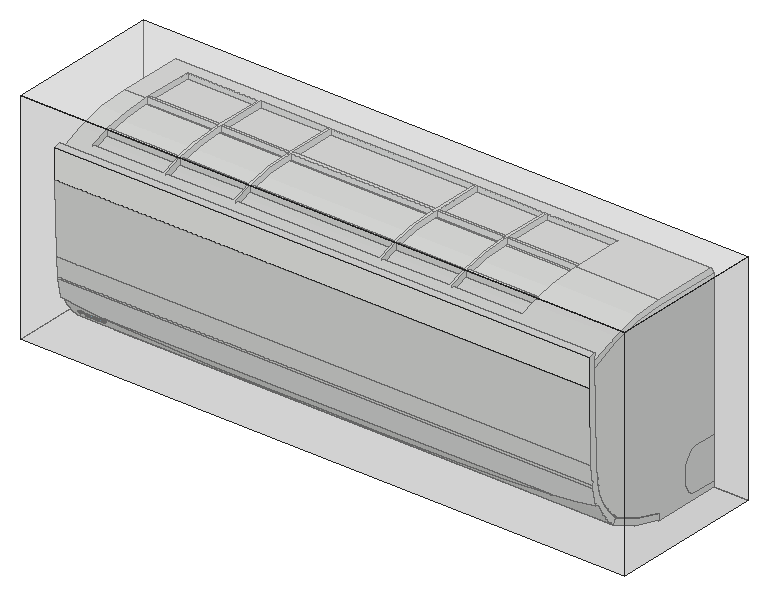
Revit family "outputfile", category 機械設備, Revit 2024
Family settings
  丸型コネクタ寸法 = 半径を使用
  パーツ タイプ = 標準
  OmniClass 番号 = 23.75.10.24.21.27.27
  OmniClass タイトル = Split System Air Conditioning Units
  作業面ベース = いいえ
  常に垂直 = はい
  ロード時にボイドで切り取り = いいえ
  注釈の向きを維持 = いいえ
  共有 = いいえ
  部屋計算ポイント = いいえ
Parameters (values of type "FTXV35W2VMA")
  Description = ""
  書き出し IFC クラス(タイプ) = "IfcUnitaryEquipmentType"
  定義済み IFC タイプ(タイプ) = "AIRCONDITIONINGUNIT"
  Cost = 0
  Type Comments = ""
  Keynote = ""
  Type Image = (empty or 0)
  Assembly Code = ""
  w_wall hole = if(Width = 770.0 mm, 48.0 mm, 60.0 mm)  # 48.0 mm
  製造元 = "Daikin"
  モデル = "FTXV35W2VMA"
  switch_frequency = yes
  r_Liquid Pipe Size = Liquid Pipe Size / 2  # 3.2 mm
  r_Gas Pipe Size = Gas Pipe Size / 2  # 4.75 mm
  r_Drain Pipe Size = Drain Pipe Size / 2  # 8.0 mm
  lw_powersupply [instance] = if(Width = 770.0 mm, if(or(Rear Right Connection_refrigerant, Bottom Right Connection_refrigerant), 25.0 mm, if(or(Rear Left Connection_refrigerant, Bottom Left Connection_refrigerant), 745.0 mm, 400.0 mm)), if(Width = 990.0 mm, if(or(Rear Right Connection_refrigerant, Bottom Right Connection_refrigerant), 40.0 mm, if(or(Rear Left Connection_refrigerant, Bottom Left Connection_refrigerant), 920.0 mm, 400.0 mm)), if(or(Rear Right Connection_refrigerant, Bottom Right Connection_refrigerant), 40.0 mm, if(or(Rear Left Connection_refrigerant, Bottom Left Connection_refrigerant), 920.0 mm, 400.0 mm))))  # 400.0 mm
  lw_liquidpipe [instance] = if(Width = 770.0 mm, if(or(Rear Right Connection_refrigerant, Bottom Right Connection_refrigerant), 0.0 mm, if(or(Rear Left Connection_refrigerant, Bottom Left Connection_refrigerant), 664.0 mm, 385.0 mm)), if(Width = 990.0 mm, if(or(Rear Right Connection_refrigerant, Bottom Right Connection_refrigerant), 0.0 mm, if(or(Rear Left Connection_refrigerant, Bottom Left Connection_refrigerant), 664.0 mm + (990.0 mm - 770.0 mm), 475.0 mm)), if(or(Rear Right Connection_refrigerant, Bottom Right Connection_refrigerant), 0.0 mm, if(or(Rear Left Connection_refrigerant, Bottom Left Connection_refrigerant), 664.0 mm + (990.0 mm - 770.0 mm), 475.0 mm))))  # 385.0 mm
  lw_gaspipe [instance] = if(Width = 770.0 mm, if(or(Rear Right Connection_refrigerant, Bottom Right Connection_refrigerant), 0.0 mm, if(or(Rear Left Connection_refrigerant, Bottom Left Connection_refrigerant), 675.0 mm, if(Gas Pipe Size = 12.7 mm, 345.0 mm, 335.0 mm))), if(Width = 990.0 mm, if(or(Rear Right Connection_refrigerant, Bottom Right Connection_refrigerant), 10.0 mm, if(or(Rear Left Connection_refrigerant, Bottom Left Connection_refrigerant), 890.0 mm, if(Gas Pipe Size = 15.9 mm, 410.0 mm, 400.0 mm))), if(or(Rear Right Connection_refrigerant, Bottom Right Connection_refrigerant), 10.0 mm, if(or(Rear Left Connection_refrigerant, Bottom Left Connection_refrigerant), 890.0 mm, if(Gas Pipe Size = 15.9 mm, 410.0 mm, 400.0 mm)))))  # 335.0 mm
  lw_drainpipe [instance] = if(Width = 770.0 mm, if(or(Rear Right Connection_refrigerant, Bottom Right Connection_refrigerant), 0.0 mm, if(or(Rear Left Connection_refrigerant, Bottom Left Connection_refrigerant), 770.0 mm - 48.0 mm - 48.0 mm, 440.0 mm)), if(Width = 990.0 mm, if(or(Rear Right Connection_refrigerant, Bottom Right Connection_refrigerant), 0.0 mm, if(or(Rear Left Connection_refrigerant, Bottom Left Connection_refrigerant), 675.0 mm + (990.0 mm - 770.0 mm), 435.0 mm)), if(or(Rear Right Connection_refrigerant, Bottom Right Connection_refrigerant), 0.0 mm, if(or(Rear Left Connection_refrigerant, Bottom Left Connection_refrigerant), 675.0 mm + (990.0 mm - 770.0 mm), 435.0 mm))))  # 440.0 mm
  l_powersupply_length [instance] = if(Width = 770.0 mm, if(Right Connection_refrigerant, 400.0 mm, if(Left Connection_refrigerant, 770.0 mm - 400.0 mm, if(or(Rear Left Connection_refrigerant, Rear Right Connection_refrigerant), 15.0 mm, 50.0 mm))), if(Width = 990.0 mm, if(Right Connection_refrigerant, 400.0 mm, if(Left Connection_refrigerant, 990.0 mm - 400.0 mm, if(or(Rear Left Connection_refrigerant, Rear Right Connection_refrigerant), 15.0 mm, 50.0 mm))), if(Right Connection_refrigerant, 400.0 mm, if(Left Connection_refrigerant, 990.0 mm - 400.0 mm, if(or(Rear Left Connection_refrigerant, Rear Right Connection_refrigerant), 15.0 mm, 50.0 mm)))))  # 400.0 mm
  l_liquidpipe_length [instance] = if(Width = 770.0 mm, if(Right Connection_refrigerant, 433.0 mm, if(Left Connection_refrigerant, 337.0 mm, if(or(Rear Left Connection_refrigerant, Rear Right Connection_refrigerant), 30.0 mm, 40.0 mm))), if(Width = 990.0 mm, if(Right Connection_refrigerant, 535.0 mm, if(Left Connection_refrigerant, 455.0 mm, if(or(Rear Left Connection_refrigerant, Rear Right Connection_refrigerant), 30.0 mm, 40.0 mm))), if(Right Connection_refrigerant, 535.0 mm, if(Left Connection_refrigerant, 455.0 mm, if(or(Rear Left Connection_refrigerant, Rear Right Connection_refrigerant), 30.0 mm, 40.0 mm)))))  # 433.0 mm
  l_gaspipe_length [instance] = if(Width = 770.0 mm, if(Right Connection_refrigerant, if(Gas Pipe Size = 12.7 mm, 393.0 mm, 383.0 mm), if(Left Connection_refrigerant, if(Gas Pipe Size = 12.7 mm, 770.0 mm - 393.0 mm, 770.0 mm - 383.0 mm), if(or(Rear Left Connection_refrigerant, Rear Right Connection_refrigerant), 40.0 mm, 50.0 mm))), if(Width = 990.0 mm, if(Right Connection_refrigerant, if(Gas Pipe Size = 15.9 mm, 470.0 mm, 460.0 mm), if(Left Connection_refrigerant, if(Gas Pipe Size = 15.9 mm, 990.0 mm - 470.0 mm, 990.0 mm - 460.0 mm), if(or(Rear Left Connection_refrigerant, Rear Right Connection_refrigerant), 40.0 mm, 50.0 mm))), if(Right Connection_refrigerant, if(Gas Pipe Size = 15.9 mm, 470.0 mm, 460.0 mm), if(Left Connection_refrigerant, if(Gas Pipe Size = 15.9 mm, 990.0 mm - 470.0 mm, 990.0 mm - 460.0 mm), if(or(Rear Left Connection_refrigerant, Rear Right Connection_refrigerant), 40.0 mm, 50.0 mm)))))  # 383.0 mm
  l_drainpipe_length [instance] = if(Width = 770.0 mm, if(Right Connection_refrigerant, 488.0 mm, if(Left Connection_refrigerant, 282.0 mm, if(or(Rear Left Connection_refrigerant, Rear Right Connection_refrigerant), 15.0 mm, 20.0 mm))), if(Width = 990.0 mm, if(Right Connection_refrigerant, 495.0 mm, if(Left Connection_refrigerant, 495.0 mm, if(or(Rear Left Connection_refrigerant, Rear Right Connection_refrigerant), 15.0 mm, 20.0 mm))), if(Right Connection_refrigerant, 495.0 mm, if(Left Connection_refrigerant, 495.0 mm, if(or(Rear Left Connection_refrigerant, Rear Right Connection_refrigerant), 15.0 mm, 20.0 mm)))))  # 488.0 mm
  h*** = 0.0 mm  # constant formula
  connector_voltage = Voltage_50Hz  # 230 V
  connector_powerinput = if([Power Input (Cooling)] > [Power Input (Heating)], [Power Input (Cooling)], [Power Input (Heating)])  # 0.000 kW
  connector_phase = Phase_50Hz  # 1
  angle_vertical [instance] = if(or(Bottom Left Connection_refrigerant, Bottom Right Connection_refrigerant), 0.00°, 90.00°)  # 90.00°
  angle_horizontal [instance] = if(Right Connection_refrigerant, 90.00°, if(Left Connection_refrigerant, -90.00°, if(or(Rear Left Connection_refrigerant, Rear Right Connection_refrigerant), 180.00°, 0.00°)))  # 90.00°
  Width = 770.0 mm
  Voltage_comment_50Hz = "220 - 240"
  Voltage_50Hz = 230 V
  Version = "ver.1.0"
  Unit Type = "Wall Mounted"
  Unit Mass Weight = 9.00 kg
  Unit Designation [instance] = ""
  Uniclass2015Version = "Products v1.30"
  Uniclass2015Title = "Split coil room air conditioning units"
  Uniclass2015Code = "Pr_70_65_03_86"
  URL = ""
  Total Heating Capacity [instance] = 0.000 kW
  Total Cooling Capacity [instance] = 0.000 kW
  Sound Pressure Level_M speed (dBA) = 34
  Sound Pressure Level_L speed (dBA) = 26
  Sound Pressure Level_H speed (dBA) = 42
  Sound Power Level_H speed (dB) = 0
  Series = "Single Split_Fan Coil Unit"
  Sensible Cooling Capacity [instance] = 0.000 kW
  Refrigerant Type = "R32"
  Power Input (Heating) = 0.000 kW
  Power Input (Cooling) = 0.000 kW
  Phase_50Hz = 1
  Option Accessory 3 [instance] = ""
  Option Accessory 2 [instance] = ""
  Option Accessory 1 [instance] = ""
  Nominal Heating Capacity = 3.700 kW
  Nominal Cooling Capacity = 3.500 kW
  Minimum Circuit Amps_50Hz = 0.0 A
  Minimum Airflow = 324.00 m³/h
  Median Airflow = 456.00 m³/h
  Maximum Fuse Amps_50Hz = 0.0 A
  Maximum Airflow = 630.00 m³/h
  Material_Casing = DAIKIN_PureWhite_Casing_indoorunit
  Load Classification = HVAC
  Liquid Pipe Size = 6.4 mm
  Link_Nested Family [instance] = ""
  IfcVersion = ""
  IfcExportType = "AIRCONDITIONINGUNIT"
  IfcExportAs = "IfcUnitaryEquipmentType"
  Height = 285.0 mm
  Heating Entering Wet Bulb Temperature [instance] = -273.15 °C
  Heating Entering Dry Bulb Temperature [instance] = -273.15 °C
  Heating Ambient Wet Bulb Temperature [instance] = -273.15 °C
  Heating Ambient Dry Bulb Temperature [instance] = -273.15 °C
  Heat Exchanger Type = "Cross Fin Coil"
  Gas Pipe Size = 9.5 mm
  Frequency_50Hz = 50 Hz
  Fan Type = "Cross Flow Fan"
  Fan Drive = "Direct Drive"
  FCU Tag No. [instance] = ""
  Drain Pipe Size = 16.0 mm
  Design Supply Airflow [instance] = 0.00 m³/h
  Depth = 223.0 mm
  既定の高さ = 0.0 mm
  Cooling Entering Wet Bulb Temperature [instance] = 0.00 °C
  Cooling Entering Dry Bulb Temperature [instance] = 0.00 °C
  Cooling Ambient Wet Bulb Temperature [instance] = 0.00 °C
  Cooling Ambient Dry Bulb Temperature [instance] = 0.00 °C
  Clearance visibility [instance] = yes
  Clearance Top = 30.0 mm
  Clearance Right = 50.0 mm
  Clearance Rear = 0.0 mm
  Clearance Left = 50.0 mm
  Clearance Front = 0.0 mm
  Clearance Bottom = 0.0 mm
  Bottom Right Connection_refrigerant [instance] = no
  Bottom Left Connection_refrigerant [instance] = no
  Rear Right Connection_refrigerant [instance] = no
  Rear Left Connection_refrigerant [instance] = no
  Right Connection_refrigerant [instance] = yes
  Left Connection_refrigerant [instance] = no
Reference planes
  plane 1 "Back": y = 0
  plane 2: z = 0
  plane 3 "Center (Left/Right)": x = 0
  plane 4 "Center (Front/Back)": y = -111.5
  plane 5 "Front": y = -223
  plane 6 "Left": x = -385
  plane 7 "Right": x = 385
  plane 8 "Top": z = 0
  plane 9 "Bottom": z = -285
  plane 10: x = -435
  plane 11: x = 435
  plane 12: y = 0
  plane 13: y = -223
  plane 14: z = 30
  plane 15: z = -285
  plane 16 "lw_Piping and Wiring intake": x = 337
  plane 17 "lw_gaspipe": x = 2
  plane 18 "lw_liquidpipe": x = -48
  plane 19 "lw_drainpipe": x = -103
  plane 20 "lh_drainpipe": z = -265
  plane 21 "lh_liquidpipe": z = -245
  plane 22 "lh_gaspipe": z = -235
  plane 23 "ld_drainpipe": y = -15
  plane 24 "ld_liquidpipe": y = -30
  plane 25 "ld_gaspipe": y = -40
  plane 26 "lw_powersupply": x = -15
Dimensions and locks
  equal spacing: plane 6 "Left", plane 3 "Center (Left/Right)", plane 7 "Right"
  "Width": plane 6 "Left" to plane 7 "Right"
  equal spacing: plane 5 "Front", plane 4 "Center (Front/Back)", plane 1 "Back"
  "Depth": plane 5 "Front" to plane 1 "Back"
  "Height": plane 8 "Top" to plane 9 "Bottom"
  "Clearance Rear": plane 12 to plane 1 "Back"
  "Clearance Front": plane 13 to plane 5 "Front"
  "Clearance Top": plane 14 to plane 8 "Top"
  "Clearance Bottom": plane 9 "Bottom" to plane 15
  "w_wall hole": plane 16 "lw_Piping and Wiring intake" to plane 7 "Right"
  "lw_gaspipe": plane 17 "lw_gaspipe" to plane 16 "lw_Piping and Wiring intake"
  "lw_liquidpipe": plane 18 "lw_liquidpipe" to plane 16 "lw_Piping and Wiring intake"
  "lw_drainpipe": plane 19 "lw_drainpipe" to plane 16 "lw_Piping and Wiring intake"
  locked: plane 20 "lh_drainpipe" to plane 9 "Bottom" at 20
  locked: plane 21 "lh_liquidpipe" to plane 9 "Bottom" at 40
  locked: plane 22 "lh_gaspipe" to plane 9 "Bottom" at 50
  locked: plane 23 "ld_drainpipe" to plane 1 "Back" at 15
  locked: plane 1 "Back" to plane 24 "ld_liquidpipe" at 30
  locked: plane 1 "Back" to plane 25 "ld_gaspipe" at 40
  "lw_powersupply": plane 26 "lw_powersupply" to plane 7 "Right"
  "Clearance Right": plane 7 "Right" to plane 11
  "Clearance Left": plane 10 to plane 6 "Left"
  aligned and locked: level to plane 2
  aligned and locked: plane 12 to nested 1
  aligned and locked: nested 1 to plane 13
  aligned and locked: plane 10 to nested 1
  aligned and locked: plane 11 to nested 1
  aligned and locked: plane 15 to nested 1
  aligned and locked: plane 14 to nested 1
  aligned and locked: plane 17 "lw_gaspipe" to nested 2
  aligned and locked: nested 2 to plane 25 "ld_gaspipe"
  aligned and locked: plane 18 "lw_liquidpipe" to nested 3
  aligned and locked: nested 3 to plane 24 "ld_liquidpipe"
  aligned and locked: plane 19 "lw_drainpipe" to nested 4
  aligned and locked: nested 4 to plane 23 "ld_drainpipe"
  aligned and locked: nested 5 to plane 23 "ld_drainpipe"
  aligned and locked: plane 26 "lw_powersupply" to nested 5
  aligned and locked: level to plane 8 "Top"
  aligned and locked: plane 3 "Center (Left/Right)" to nested 6
  aligned and locked: plane 1 "Back" to nested 6
  aligned and locked: plane 8 "Top" to nested 6
Nested families
  nested 1: "daikin_clearancespace" at (0, -111.5, -127.381), show <- "Clearance visibility", visible <- "Clearance visibility", Link_Nested Family <- "Link_Nested Family", type "daikin_clearancespace"
    with width 870.0 mm, show yes, height 315.0 mm, depth 223.0 mm, Link_Nested Family ""
  nested 2: "daikin_connector_rotate3" at (2, -40, -235), angle_vertical <- "angle_vertical", angle_horizontal <- "angle_horizontal", length <- "l_gaspipe_length", radius <- "r_Gas Pipe Size", type "daikin_connector_rotate3"
    with show no, radius 4.75 mm, length 383.0 mm, angle_vertical 90.00°, angle_horizontal 90.00°
  nested 3: "daikin_connector_rotate3" at (-48, -30, -245), angle_vertical <- "angle_vertical", angle_horizontal <- "angle_horizontal", radius <- "r_Liquid Pipe Size", length <- "l_liquidpipe_length", type "daikin_connector_rotate3"
    with show no, radius 3.2 mm, length 433.0 mm, angle_vertical 90.00°, angle_horizontal 90.00°
  nested 4: "daikin_connector_rotate3" at (-103, -15, -265), angle_vertical <- "angle_vertical", angle_horizontal <- "angle_horizontal", length <- "l_drainpipe_length", radius <- "r_Drain Pipe Size", type "daikin_connector_rotate3"
    with show no, radius 8.0 mm, length 488.0 mm, angle_vertical 90.00°, angle_horizontal 90.00°
  nested 5: "daikin_connector_rotate3" at (-15, -15, -235), angle_vertical <- "angle_vertical", angle_horizontal <- "angle_horizontal", length <- "l_powersupply_length", type "daikin_connector_rotate3"
    with show no, radius 10.0 mm, length 400.0 mm, angle_vertical 90.00°, angle_horizontal 90.00°
  nested 6: "DAIKIN_indoorunit_FTXV-W2VMA" at (-31, 0, 0), type "FTXV-W2VMA"
Connectors
  piping at (385, -40, -235), diameter 9.5, driven by "r_Gas Pipe Size"
    settings: on nested 2, index 1, connector inside diameter 609.6 mm, connector length 0.0 mm, flow factor 0, pipe flow 0.00 m³/h, pressure drop 0.0 Pa, fitting loss kfactor 0, connector angle 0.00°, fixture units 0, engagement length 0.0 mm, angle of deflection 0.00°, flow configuration 1, flow direction 2, fitting loss method 0, system type 29, joint type 0, gender type 0, connector reference index -1, connector utility 0, adjustable connector no, is connector primary yes, connector description "Refrigerant Gas Piping"
  piping at (385, -30, -245), diameter 6.4, driven by "r_Liquid Pipe Size"
    settings: on nested 3, index 2, connector inside diameter 609.6 mm, connector length 0.0 mm, flow factor 0, pipe flow 0.00 m³/h, pressure drop 0.0 Pa, fitting loss kfactor 0, connector angle 0.00°, fixture units 0, engagement length 0.0 mm, angle of deflection 0.00°, flow configuration 1, flow direction 1, fitting loss method 0, system type 29, joint type 0, gender type 0, connector reference index -1, connector utility 0, adjustable connector no, is connector primary no, connector description "Refrigerant Liquid Piping"
  piping at (385, -15, -265), diameter 16, driven by "r_Drain Pipe Size"
    settings: on nested 4, index 3, connector inside diameter 609.6 mm, connector length 0.0 mm, flow factor 0, pipe flow 0.00 m³/h, pressure drop 0.0 Pa, fitting loss kfactor 0, connector angle 0.00°, fixture units 0, engagement length 0.0 mm, angle of deflection 0.00°, flow configuration 1, flow direction 2, fitting loss method 4, system type 16, joint type 0, gender type 0, connector reference index -1, connector utility 0, adjustable connector no, is connector primary no, connector description "Condensate Drain Piping"
  electrical at (385, -15, -235), driven by "Load Classification", driven by "connector_phase", driven by "connector_powerinput", driven by "connector_voltage"
    settings: on nested 5, index 4, voltage 230 V, apparent load 0 VA, apparent load phase1 0 VA, apparent load phase2 0 VA, apparent load phase3 0 VA, power factor 1, load classification "HVAC", number of poles 1, system type 30, power factor state 1, is connector primary yes, connector utility no, sub classification motor no, connector description "Power Supply"
Definition of nested family "daikin_clearancespace"
  Parameters (values of type "daikin_clearancespace")
    Description = "daikin_clearancespace"
    width [instance] = 1823.963 mm
    show [instance] = yes
    material = none
    height [instance] = 1359.762 mm
    depth [instance] = 880.0 mm
    Default Elevation = 0.0 mm
    Link_Nested Family [instance] = ""
  Reference planes
    plane 1 "Center (Front/Back)": y = 0
    plane 2 "Center (Elevation)": z = -0.119
    plane 3 "Center (Left/Right)": x = 0
    plane 4: y = 440
    plane 5: y = -440
    plane 6 "Right": x = 911.982
    plane 7 "Left": x = -911.982
    plane 8 "Top": z = 679.762
    plane 9 "Bottom": z = -680
  Forms (mm)
    Extrusion 1, solid, material <- "material", visible <- "show"
      sketch origin (0, 0, 0) x (1, 0, 0) y (0, 1, 0)
        loop
          line (-911.982, 440) -> (-911.982, -440) -> (911.982, -440) -> (911.982, 440) -> (-911.982, 440)
      from -680 to 679.762
  Lines and regions (mm)
    symbolic lines, visible <- "show"
      curve 1: line (911.982, 440, 0) -> (-911.982, 440, 0)
      curve 2: line (-911.982, 440, 0) -> (-911.982, -440, 0)
      curve 3: line (-911.982, -440, 0) -> (911.982, -440, 0)
      curve 4: line (911.982, -440, 0) -> (911.982, 440, 0)
      curve 5: line (911.982, 0, 679.762) -> (-911.982, 0, 679.762)
      curve 6: line (911.982, 0, -680) -> (911.982, 0, 679.762)
      curve 7: line (-911.982, 0, -680) -> (911.982, 0, -680)
      curve 8: line (-911.982, 0, 679.762) -> (-911.982, 0, -680)
      curve 9: line (0, 440, 679.762) -> (0, -440, 679.762)
      curve 10: line (0, -440, 679.762) -> (0, -440, -680)
      curve 11: line (0, 440, -680) -> (0, 440, 679.762)
      curve 12: line (0, -440, -680) -> (0, 440, -680)
  Dimensions and locks
    "width": plane 7 "Left" to plane 6 "Right"
    "depth": plane 4 to plane 5
    "height": plane 8 "Top" to plane 9 "Bottom"
    equal spacing: plane 7 "Left", plane 3 "Center (Left/Right)", plane 6 "Right"
    equal spacing: plane 4, plane 1 "Center (Front/Back)", plane 5
    equal spacing: plane 8 "Top", plane 2 "Center (Elevation)", plane 9 "Bottom"
    aligned and locked: level to plane 2 "Center (Elevation)"
    aligned and locked: Extrusion 1 sketch curve to plane 4
    aligned and locked: plane 7 "Left" to Extrusion 1 sketch curve
    aligned and locked: Extrusion 1 sketch curve to plane 5
    aligned and locked: Extrusion 1 sketch curve to plane 6 "Right"
    aligned and locked: plane 8 "Top" to Extrusion 1
    aligned and locked: curve 1 to Extrusion 1
    aligned and locked: curve 2 to Extrusion 1
    aligned and locked: curve 3 to Extrusion 1
    aligned and locked: curve 4 to Extrusion 1
    aligned and locked: curve 5 to Extrusion 1
    aligned and locked: curve 6 to Extrusion 1
    aligned and locked: curve 7 to Extrusion 1
    aligned and locked: curve 8 to Extrusion 1
    aligned and locked: curve 9 to Extrusion 1
    aligned and locked: curve 10 to Extrusion 1
    aligned and locked: curve 11 to Extrusion 1
    aligned and locked: curve 12 to Extrusion 1
    aligned and locked: Extrusion 1 to plane 9 "Bottom"
Definition of nested family "DAIKIN_indoorunit_FTXV-W2VMA"
  Parameters (values of type "FTKM-QVMA")
    switch_unit1_50-71 = Width = 990.0 mm  # no
    switch_unit1_20-46 = Width = 770.0 mm  # yes
    Width = 770.0 mm
    WALL HOLE-R = if(Width = 770.0 mm, 48.0 mm, 60.0 mm)  # 48.0 mm
    WALL HOLE Size = if(Width = 770.0 mm, 65.0 mm, 80.0 mm)  # 65.0 mm
    Material_Casing = none
    Height = if(Width = 770.0 mm, 285.0 mm, 295.0 mm)  # 285.0 mm
    Default Elevation = 0.0 mm
  Reference planes
    plane 1 "Center (Front/Back)": y = 0
    plane 2 "reference_level": z = 0
    plane 3 "Center (Left/Right)": x = 31
    plane 4: x = -354
    plane 5: x = 416
    plane 6: z = -285
  Forms (mm)
    Extrusion 1, solid, material <- "Material_Casing", visible <- "switch_unit1_20-46"
      sketch origin (29, 0, 0) x (0, 1, 0) y (0, 0, 1)
        loop
          line (-5, 0) -> (-98, 0)
          arc (-98, 0) -> (-157.611, -7.211) -> (-213.783, -28.427) r 250
          arc (-213.783, -28.427) -> (-213.842, -32.972) -> (-213.892, -37.516) r 2191
          arc (-213.892, -37.516) -> (-157.832, -15.495) -> (-98.07, -8) r 242
          line (-98.07, -8) -> (0, -8) -> (-5, 0)
      from -383 to 387
    Extrusion 2, solid, material <- "Material_Casing", visible <- "switch_unit1_20-46"
      sketch origin (416, 1296.25, 1200) x (0, 1, 0) y (0, 0, 1)
        loop
          line (-1472.998, -1446.91) -> (-1476.998, -1453.839)
          arc (-1476.998, -1453.839) -> (-1437.481, -1472.422) -> (-1395.25, -1483.538) r 240
          line (-1395.25, -1483.538) -> (-1395.25, -1475.422)
          arc (-1395.25, -1475.422) -> (-1435.407, -1464.663) -> (-1472.998, -1446.91) r 232
      from 0 to -47.5
    Extrusion 3, solid, material <- "Material_Casing", visible <- "switch_unit1_20-46"
      sketch origin (29, 0, 0) x (0, 1, 0) y (0, 0, 1)
        loop
          arc (-223, -60.455) -> (-222.414, -110.646) -> (-220.656, -160.81) r 2149.92
          arc (-220.656, -160.81) -> (-219.65, -174.299) -> (-217.853, -187.706) r 229.911
          arc (-217.853, -187.706) -> (-205.371, -223.594) -> (-181.517, -253.17) r 111
          line (-181.517, -253.17) -> (-177.429, -246.093)
          arc (-177.429, -246.093) -> (-198.77, -218.989) -> (-209.965, -186.36) r 103
          arc (-209.965, -186.36) -> (-211.681, -173.586) -> (-212.651, -160.735) r 221.844
          arc (-212.651, -160.735) -> (-214.739, -93.233) -> (-214.74, -25.699) r 2186.828
          arc (-214.74, -25.699) -> (-214.671, -21.467) -> (-214.594, -17.235) r 2192
          line (-214.594, -17.235) -> (-223, -19.961) -> (-223, -60.455)
      from -383 to 387
    Extrusion 4, solid, material <- "Material_Casing", visible <- "switch_unit1_20-46"
      sketch origin (29, 0, 0) x (0, 1, 0) y (0, 0, 1)
        loop
          line (-181.517, -253.17) -> (-179.597, -249.846)
          arc (-179.597, -249.846) -> (-202.009, -221.399) -> (-213.189, -186.952) r 103
          line (-213.189, -186.952) -> (-217.853, -187.706)
          arc (-217.853, -187.706) -> (-217.533, -189.556) -> (-217.182, -191.4) r 111
          arc (-217.182, -191.4) -> (-213.806, -208.181) -> (-210.362, -224.948) r 4257.809
          arc (-210.362, -224.948) -> (-198.886, -237.857) -> (-186.225, -249.607) r 180
          line (-186.225, -249.607) -> (-181.517, -253.17)
      from -383 to 387
    Extrusion 5, solid, material <- "Material_Casing", visible <- "switch_unit1_20-46"
      sketch origin (29, 0, -20) x (0, 1, 0) y (0, 0, 1)
        loop
          line (0, -265) -> (0, 12) -> (-98.07, 12)
          arc (-98.07, 12) -> (-157.832, 4.505) -> (-213.892, -17.516) r 242
          arc (-213.892, -17.516) -> (-213.638, -79.114) -> (-211.653, -140.681) r 2191
          arc (-211.653, -140.681) -> (-210.685, -153.501) -> (-208.973, -166.243) r 221
          arc (-208.973, -166.243) -> (-197.471, -199.282) -> (-175.482, -226.491) r 102
          arc (-175.482, -226.491) -> (-138.004, -244.019) -> (-98, -254.579) r 231
          line (-98, -254.579) -> (-98, -265) -> (0, -265)
      from -383 to 387
    Extrusion 6, solid, material <- "Material_Casing", visible <- "switch_unit1_20-46"
      sketch origin (-354, 1296.25, 1200) x (0, 1, 0) y (0, 0, 1)
        loop
          line (-1472.998, -1446.91) -> (-1476.998, -1453.839)
          arc (-1476.998, -1453.839) -> (-1437.481, -1472.422) -> (-1395.25, -1483.538) r 240
          line (-1395.25, -1483.538) -> (-1395.25, -1475.422)
          arc (-1395.25, -1475.422) -> (-1435.407, -1464.663) -> (-1472.998, -1446.91) r 232
      from 47 to 0
    Extrusion 7, solid, material <- "Material_Casing", visible <- "switch_unit1_20-46"
      sketch origin (416, 1296.25, 1200) x (0, 1, 0) y (0, 0, 1)
        loop
          line (-1472.998, -1446.91) -> (-1476.998, -1453.839)
          arc (-1476.998, -1453.839) -> (-1443.437, -1470.168) -> (-1407.75, -1481.097) r 240
          line (-1407.75, -1481.097) -> (-1407.75, -1472.894)
          arc (-1407.75, -1472.894) -> (-1441.363, -1462.385) -> (-1472.998, -1446.91) r 232
      from -116.993 to -48.493
    Extrusion 8, solid, material <- "Material_Casing", visible <- "switch_unit1_20-46"
      sketch origin (416, 1296.25, 1200) x (0, 1, 0) y (0, 0, 1)
        loop
          line (-1472.998, -1446.91) -> (-1476.998, -1453.839)
          arc (-1476.998, -1453.839) -> (-1443.437, -1470.168) -> (-1407.75, -1481.097) r 240
          line (-1407.75, -1481.097) -> (-1407.75, -1472.894)
          arc (-1407.75, -1472.894) -> (-1441.363, -1462.385) -> (-1472.998, -1446.91) r 232
      from -717 to -121.993
    Extrusion 9, void
      sketch origin (31, 0, -235) x (1, 0, 0) y (0, 1, 0)
        loop
          line (-252.674, -22.316) -> (-354.941, -22.316) -> (-354.941, -91.341) -> (-252.674, -91.341) -> (-252.674, -22.316)
        loop
          line (-249.341, -91.341) -> (-151.574, -91.341) -> (-151.574, -22.316) -> (-249.341, -22.316) -> (-249.341, -91.341)
        loop
          line (58.309, -22.316) -> (-148.309, -22.316) -> (-148.309, -91.341) -> (58.309, -91.341) -> (58.309, -22.316)
        loop
          line (61.689, -22.316) -> (61.689, -91.341) -> (159.457, -91.341) -> (159.457, -22.316) -> (61.689, -22.316)
        loop
          line (162.789, -22.316) -> (162.789, -91.341) -> (265.057, -91.341) -> (265.057, -22.316) -> (162.789, -22.316)
        loop
          line (-354.941, -94.659) -> (-354.941, -165.259) -> (-252.674, -165.259) -> (-252.674, -94.659) -> (-354.941, -94.659)
        loop
          line (-249.341, -94.659) -> (-249.341, -165.259) -> (-151.574, -165.259) -> (-151.574, -94.659) -> (-249.341, -94.659)
        loop
          line (-148.309, -94.659) -> (-148.309, -165.259) -> (58.309, -165.259) -> (58.309, -94.659) -> (-148.309, -94.659)
        loop
          line (61.689, -94.659) -> (61.689, -165.259) -> (159.457, -165.259) -> (159.457, -94.659) -> (61.689, -94.659)
        loop
          line (162.789, -94.659) -> (162.789, -165.259) -> (265.057, -165.259) -> (265.057, -94.659) -> (162.789, -94.659)
        loop
          line (-354.941, -167.382) -> (-354.941, -192.681) -> (-252.674, -192.681) -> (-252.674, -167.382) -> (-354.941, -167.382)
        loop
          line (-249.341, -167.382) -> (-249.341, -192.681) -> (-151.574, -192.681) -> (-151.574, -167.382) -> (-249.341, -167.382)
        loop
          line (-148.309, -167.382) -> (-148.309, -192.681) -> (58.309, -192.681) -> (58.309, -167.382) -> (-148.309, -167.382)
        loop
          line (159.457, -167.382) -> (61.689, -167.382) -> (61.689, -192.681) -> (159.457, -192.681) -> (159.457, -167.382)
        loop
          line (265.057, -167.382) -> (162.789, -167.382) -> (162.789, -192.681) -> (265.057, -192.681) -> (265.057, -167.382)
      from 201.638 to 250
    Extrusion 10, void
      sketch origin (31, 0, 0) x (1, 0, 0) y (0, 0, 1)
        loop
          arc (597, -174.907) -> (0.056, -245.263) -> (-597, -175.856) r 2585.042
          line (-597, -175.856) -> (-597, -352.872) -> (597, -352.872) -> (597, -174.907)
      from 173 to 315.3
    Extrusion 11, solid, material <- "Material_Casing"
      sketch origin (31, 0, 0) x (1, 0, 0) y (0, 0, 1)
        loop
          circle (337, -240.5) r 32.5
        loop
          circle (-337, -240.5) r 32.5
      from 0 to 5
    Extrusion 12, solid, material <- "Material_Casing", visible <- "switch_unit1_20-46"
      sketch origin (416, 1296.25, 1200) x (0, -1, 0) y (0, 0, 1)
        loop
          line (1326.25, -1417) -> (1296.25, -1417) -> (1296.25, -1477) -> (1326.25, -1477)
          arc (1326.25, -1477) -> (1340.393, -1471.142) -> (1346.25, -1457) r 20
          line (1346.25, -1457) -> (1346.25, -1437)
          arc (1346.25, -1437) -> (1340.393, -1422.858) -> (1326.25, -1417) r 20
      from 0 to 5
    Extrusion 13, solid, material <- "Material_Casing", visible <- "switch_unit1_20-46"
      sketch origin (-354, 1296.25, 1200) x (0, 1, 0) y (0, 0, 1)
        loop
          line (-1296.25, -1417) -> (-1326.25, -1417)
          arc (-1326.25, -1417) -> (-1340.393, -1422.858) -> (-1346.25, -1437) r 20
          line (-1346.25, -1437) -> (-1346.25, -1457)
          arc (-1346.25, -1457) -> (-1340.393, -1471.142) -> (-1326.25, -1477) r 20
          line (-1326.25, -1477) -> (-1296.25, -1477) -> (-1296.25, -1417)
      from 0 to 5
    Extrusion 14, solid, material <- "Material_Casing", visible <- "switch_unit1_20-46"
      sketch origin (31, 0, -285) x (-1, 0, 0) y (0, -1, 0)
        loop
          line (-314, 0) -> (-314, 30)
          arc (-314, 30) -> (-319.858, 44.142) -> (-334, 50) r 20
          line (-334, 50) -> (-354, 50)
          arc (-354, 50) -> (-368.142, 44.142) -> (-374, 30) r 20
          line (-374, 30) -> (-374, 0) -> (-314, 0)
        loop
          line (374, 0) -> (374, 30)
          arc (374, 30) -> (368.142, 44.142) -> (354, 50) r 20
          line (354, 50) -> (334, 50)
          arc (334, 50) -> (319.858, 44.142) -> (314, 30) r 20
          line (314, 30) -> (314, 0) -> (374, 0)
      from 0 to 5
    Extrusion 15, solid, material <- "Material_Casing", visible <- "switch_unit1_50-71"
      sketch origin (31, 0, 0) x (0, 1, 0) y (0, 0, 1)
        loop
          line (-5, 0) -> (-138, 0)
          arc (-138, 0) -> (-197.611, -7.211) -> (-253.783, -28.427) r 250
          arc (-253.783, -28.427) -> (-253.838, -32.687) -> (-253.886, -36.946) r 2191
          arc (-253.886, -36.946) -> (-197.73, -15.346) -> (-138.014, -8) r 246.393
          line (-138.014, -8) -> (0, -8) -> (-5, 0)
      from -495 to 495
    Extrusion 16, solid, material <- "Material_Casing", visible <- "switch_unit1_50-71"
      sketch origin (418, 1296.25, 1200) x (0, 1, 0) y (0, 0, 1)
        loop
          arc (-1515.208, -1454.149) -> (-1506.856, -1460.599) -> (-1497.925, -1466.219) r 110
          arc (-1497.925, -1466.219) -> (-1445.718, -1487.493) -> (-1389.844, -1494.995) r 223
          line (-1389.844, -1494.995) -> (-1389.844, -1486.086) -> (-1404.386, -1486.086)
          arc (-1404.386, -1486.086) -> (-1449.542, -1477.46) -> (-1491.818, -1459.402) r 214.289
          arc (-1491.818, -1459.402) -> (-1501.056, -1453.541) -> (-1509.606, -1446.715) r 101
          line (-1509.606, -1446.715) -> (-1515.208, -1454.149)
      from 108 to 57.5
    Extrusion 17, solid, material <- "Material_Casing", visible <- "switch_unit1_50-71"
      sketch origin (31, 0, 0) x (0, 1, 0) y (0, 0, 1)
        loop
          line (-263, -19.962) -> (-263, -61.6)
          arc (-263, -61.6) -> (-262.414, -110.219) -> (-260.656, -158.81) r 2017.341
          arc (-260.656, -158.81) -> (-255.648, -191.935) -> (-244.041, -223.362) r 164.725
          arc (-244.041, -223.362) -> (-233.569, -239.793) -> (-219.717, -253.495) r 87.379
          line (-219.717, -253.495) -> (-214.706, -246.846)
          arc (-214.706, -246.846) -> (-229.564, -230.029) -> (-240.385, -210.371) r 102
          arc (-240.385, -210.371) -> (-249.049, -182.962) -> (-252.848, -154.467) r 165.789
          arc (-252.848, -154.467) -> (-254.771, -90.102) -> (-254.74, -25.708) r 2122.533
          arc (-254.74, -25.708) -> (-254.671, -21.469) -> (-254.594, -17.23) r 2192
          line (-254.594, -17.23) -> (-263, -19.962)
      from -495 to 495
    Extrusion 18, void
      sketch origin (33, 0, 0) x (1, 0, 0) y (0, 1, 0)
        loop
          line (-466.909, -22.316) -> (-466.909, -111.341) -> (-366.303, -111.341) -> (-366.303, -22.316) -> (-466.909, -22.316)
        loop
          line (-362.71, -22.316) -> (-362.71, -111.341) -> (-262.103, -111.341) -> (-262.103, -22.316) -> (-362.71, -22.316)
        loop
          line (-258.51, -22.316) -> (-258.51, -111.341) -> (-157.904, -111.341) -> (-157.904, -22.316) -> (-258.51, -22.316)
        loop
          line (-154.31, -22.316) -> (-154.31, -111.341) -> (-53.704, -111.341) -> (-53.704, -22.316) -> (-154.31, -22.316)
        loop
          line (-50.11, -22.316) -> (-50.11, -111.341) -> (50.496, -111.341) -> (50.496, -22.316) -> (-50.11, -22.316)
        loop
          line (54.089, -22.316) -> (54.089, -111.341) -> (154.696, -111.341) -> (154.696, -22.316) -> (54.089, -22.316)
        loop
          line (158.289, -22.316) -> (158.289, -111.341) -> (258.895, -111.341) -> (258.895, -22.316) -> (158.289, -22.316)
        loop
          line (262.489, -22.316) -> (262.489, -111.341) -> (363.095, -111.341) -> (363.095, -22.316) -> (262.489, -22.316)
        loop
          line (-466.909, -114.459) -> (-466.909, -185.059) -> (-366.303, -185.059) -> (-366.303, -114.459) -> (-466.909, -114.459)
        loop
          line (-362.71, -114.459) -> (-362.71, -185.059) -> (-262.103, -185.059) -> (-262.103, -114.459) -> (-362.71, -114.459)
        loop
          line (-258.51, -114.459) -> (-258.51, -185.059) -> (-157.904, -185.059) -> (-157.904, -114.459) -> (-258.51, -114.459)
        loop
          line (-154.31, -114.459) -> (-154.31, -185.059) -> (-53.704, -185.059) -> (-53.704, -114.459) -> (-154.31, -114.459)
        loop
          line (-50.11, -114.459) -> (-50.11, -185.059) -> (50.496, -185.059) -> (50.496, -114.459) -> (-50.11, -114.459)
        loop
          line (54.089, -114.459) -> (54.089, -185.059) -> (154.696, -185.059) -> (154.696, -114.459) -> (54.089, -114.459)
        loop
          line (158.289, -114.459) -> (158.289, -185.059) -> (258.895, -185.059) -> (258.895, -114.459) -> (158.289, -114.459)
        loop
          line (262.489, -114.459) -> (262.489, -185.059) -> (363.095, -185.059) -> (363.095, -114.459) -> (262.489, -114.459)
        loop
          line (-466.909, -187.382) -> (-466.909, -232.681) -> (-366.303, -232.681) -> (-366.303, -187.382) -> (-466.909, -187.382)
        loop
          line (-362.71, -187.382) -> (-362.71, -232.681) -> (-262.103, -232.681) -> (-262.103, -187.382) -> (-362.71, -187.382)
        loop
          line (-258.51, -187.382) -> (-258.51, -232.681) -> (-157.904, -232.681) -> (-157.904, -187.382) -> (-258.51, -187.382)
        loop
          line (-154.31, -187.382) -> (-154.31, -232.681) -> (-53.704, -232.681) -> (-53.704, -187.382) -> (-154.31, -187.382)
        loop
          line (-50.11, -187.382) -> (-50.11, -232.681) -> (50.496, -232.681) -> (50.496, -187.382) -> (-50.11, -187.382)
        loop
          line (54.089, -187.382) -> (54.089, -232.681) -> (154.696, -232.681) -> (154.696, -187.382) -> (54.089, -187.382)
        loop
          line (158.289, -187.382) -> (158.289, -232.681) -> (258.895, -232.681) -> (258.895, -187.382) -> (158.289, -187.382)
        loop
          line (262.489, -187.382) -> (262.489, -232.681) -> (363.095, -232.681) -> (363.095, -187.382) -> (262.489, -187.382)
      from -40.013 to 47.268
    Extrusion 19, void
      sketch origin (33, 0, 2300) x (1, 0, 0) y (0, 0, 1)
        loop
          line (705, -2672.872) -> (705, -2462.4)
          arc (705, -2462.4) -> (-2.043, -2534.819) -> (-709, -2461.567) r 3467.757
          line (-709, -2461.567) -> (-709, -2672.872) -> (705, -2672.872)
      from 173 to 315.3
    Extrusion 20, solid, material <- "Material_Casing", visible <- "switch_unit1_50-71"
      sketch origin (-356, 1296.25, 1200) x (0, 1, 0) y (0, 0, -1)
        loop
          line (-1515.208, 1454.149) -> (-1509.606, 1446.715)
          arc (-1509.606, 1446.715) -> (-1501.056, 1453.541) -> (-1491.818, 1459.402) r 101
          arc (-1491.818, 1459.402) -> (-1449.542, 1477.46) -> (-1404.386, 1486.086) r 214.289
          line (-1404.386, 1486.086) -> (-1389.844, 1486.086) -> (-1389.844, 1494.995)
          arc (-1389.844, 1494.995) -> (-1445.718, 1487.493) -> (-1497.925, 1466.219) r 223
          arc (-1497.925, 1466.219) -> (-1506.856, 1460.599) -> (-1515.208, 1454.149) r 110
      from 108 to 61
    Extrusion 21, solid, material <- "Material_Casing", visible <- "switch_unit1_50-71"
      sketch origin (418, 1296.25, 1200) x (0, 1, 0) y (0, 0, 1)
        loop
          arc (-1515.208, -1454.149) -> (-1506.856, -1460.599) -> (-1497.925, -1466.219) r 110
          arc (-1497.925, -1466.219) -> (-1463.185, -1482.066) -> (-1426.25, -1491.755) r 223
          line (-1426.25, -1491.755) -> (-1426.25, -1483.166)
          arc (-1426.25, -1483.166) -> (-1460.008, -1473.969) -> (-1491.818, -1459.402) r 214.289
          arc (-1491.818, -1459.402) -> (-1501.056, -1453.541) -> (-1509.606, -1446.715) r 101
          line (-1509.606, -1446.715) -> (-1515.208, -1454.149)
      from 56.5 to -36.993
    Extrusion 22, solid, material <- "Material_Casing", visible <- "switch_unit1_50-71"
      sketch origin (418, 1296.25, 1200) x (0, 1, 0) y (0, 0, 1)
        loop
          arc (-1426.25, -1483.166) -> (-1443.442, -1479.224) -> (-1460.25, -1473.881) r 214.289
          line (-1460.25, -1473.881) -> (-1460.25, -1483.089)
          arc (-1460.25, -1483.089) -> (-1443.421, -1488.091) -> (-1426.25, -1491.755) r 223
          line (-1426.25, -1491.755) -> (-1426.25, -1483.166)
      from -43.493 to -828.893
    Extrusion 23, solid, material <- "Material_Casing", visible <- "switch_unit1_50-71"
      sketch origin (418, 1296.25, 1200) x (0, 1, 0) y (0, 0, 1)
        loop
          arc (-1515.208, -1454.149) -> (-1506.856, -1460.599) -> (-1497.925, -1466.219) r 110
          arc (-1497.925, -1466.219) -> (-1479.479, -1475.527) -> (-1460.25, -1483.089) r 223
          line (-1460.25, -1483.089) -> (-1460.25, -1473.881)
          arc (-1460.25, -1473.881) -> (-1476.328, -1467.282) -> (-1491.818, -1459.402) r 214.289
          arc (-1491.818, -1459.402) -> (-1501.056, -1453.541) -> (-1509.606, -1446.715) r 101
          line (-1509.606, -1446.715) -> (-1515.208, -1454.149)
      from -43.493 to -828.893
    Extrusion 24, solid, material <- "Material_Casing", visible <- "switch_unit1_50-71"
      sketch origin (31, 0, 0) x (0, 1, 0) y (0, 0, 1)
        loop
          arc (-217.78, -250.924) -> (-234.088, -233.307) -> (-245.826, -212.366) r 102
          arc (-245.826, -212.366) -> (-251.608, -196.062) -> (-255.659, -179.245) r 165.789
          line (-255.659, -179.245) -> (-258.299, -179.737)
          arc (-258.299, -179.737) -> (-257.524, -183.799) -> (-256.646, -187.84) r 164.725
          arc (-256.646, -187.84) -> (-252.868, -206.25) -> (-249.973, -224.82) r 393.089
          arc (-249.973, -224.82) -> (-239.237, -236.969) -> (-227.451, -248.102) r 180
          arc (-227.451, -248.102) -> (-223.723, -250.998) -> (-219.717, -253.495) r 45.878
          line (-219.717, -253.495) -> (-217.78, -250.924)
      from -495 to 495
    Extrusion 25, solid, material <- "Material_Casing", visible <- "switch_unit1_50-71"
      sketch origin (31, 0, -30) x (0, 1, 0) y (0, 0, 1)
        loop
          line (0, 22) -> (-138.014, 22)
          arc (-138.014, 22) -> (-197.73, 14.654) -> (-253.886, -6.946) r 246.393
          arc (-253.886, -6.946) -> (-253.682, -65.635) -> (-251.855, -124.295) r 2120.935
          arc (-251.855, -124.295) -> (-248.086, -152.682) -> (-239.461, -179.988) r 164.789
          arc (-239.461, -179.988) -> (-228.903, -199.231) -> (-214.437, -215.738) r 101
          line (-214.437, -215.738) -> (-212.406, -216.221)
          arc (-212.406, -216.221) -> (-204.07, -222.837) -> (-195.079, -228.53) r 100
          arc (-195.079, -228.53) -> (-145.557, -248.629) -> (-92.593, -255.785) r 213.289
          line (-92.593, -255.785) -> (-92.593, -265) -> (0, -265) -> (0, 22)
      from -495 to 495
    Extrusion 26, solid, material <- "Material_Casing", visible <- "switch_unit1_50-71"
      sketch origin (526, 1296.25, 1200) x (0, -1, 0) y (0, 0, 1)
        loop
          line (1326.25, -1427.035) -> (1296.25, -1427.035) -> (1296.25, -1487.035) -> (1326.25, -1487.035)
          arc (1326.25, -1487.035) -> (1340.393, -1481.177) -> (1346.25, -1467.035) r 20
          line (1346.25, -1467.035) -> (1346.25, -1447.035)
          arc (1346.25, -1447.035) -> (1340.393, -1432.892) -> (1326.25, -1427.035) r 20
      from 0 to 5
    Extrusion 27, solid, material <- "Material_Casing", visible <- "switch_unit1_50-71"
      sketch origin (-459, 1296.25, 1200) x (0, -1, 0) y (0, 0, 1)
        loop
          line (1326.25, -1427.035) -> (1296.25, -1427.035) -> (1296.25, -1487.035) -> (1326.25, -1487.035)
          arc (1326.25, -1487.035) -> (1340.393, -1481.177) -> (1346.25, -1467.035) r 20
          line (1346.25, -1467.035) -> (1346.25, -1447.035)
          arc (1346.25, -1447.035) -> (1340.393, -1432.892) -> (1326.25, -1427.035) r 20
      from 0 to 5
    Extrusion 28, solid, material <- "Material_Casing", visible <- "switch_unit1_50-71"
      sketch origin (31, 200, -295) x (-1, 0, 0) y (0, -1, 0)
        loop
          line (469, 200) -> (469, 230)
          arc (469, 230) -> (463.142, 244.142) -> (449, 250) r 20
          line (449, 250) -> (429, 250)
          arc (429, 250) -> (414.858, 244.142) -> (409, 230) r 20
          line (409, 230) -> (409, 200) -> (469, 200)
        loop
          line (-469, 200) -> (-409, 200) -> (-409, 230)
          arc (-409, 230) -> (-414.858, 244.142) -> (-429, 250) r 20
          line (-429, 250) -> (-449, 250)
          arc (-449, 250) -> (-463.142, 244.142) -> (-469, 230) r 20
          line (-469, 230) -> (-469, 200)
      from 0 to 5
  Cuts and joins
    Extrusion 9 cuts Extrusion 1
    Extrusion 10 cuts Extrusion 4
    joined: Extrusion 3, Extrusion 4
    Extrusion 18 cuts Extrusion 15
    Extrusion 19 cuts Extrusion 24
    joined: Extrusion 17, Extrusion 24
  Lines and regions (mm)
    reference lines
      curve 1: line (-523, -201.911, -229.404) -> (-523, -193.542, -239.977)
      curve 2: line (-523, -240.779, -229.404) -> (-523, -232.411, -239.977)
  Dimensions and locks
    locked: Extrusion 10 sketch curve to Extrusion 10 sketch curve at 1194
    Extrusion 10 sketch curve to Extrusion 10 sketch curve = 1194.0 mm
    locked: Extrusion 12 sketch curve to Extrusion 12 sketch curve at 60
    locked: Extrusion 12 sketch curve to Extrusion 12 sketch curve at 50
    locked: Extrusion 14 sketch curve to Extrusion 14 sketch curve at 60  (x2)
    locked: Extrusion 14 sketch curve to Extrusion 14 sketch curve at 50
    equal spacing: plane 5, plane 3 "Center (Left/Right)", plane 4
    "Width": plane 5 to plane 4
    locked: Extrusion 11 sketch curve to plane 4 at 48
    "WALL HOLE-R": plane 5 to Extrusion 11 sketch curve
    "Height": plane 2 "reference_level" to plane 6
    locked: Extrusion 11 sketch curve to plane 6 at 44.5  (x2)
    locked: cut or joined group of Extrusion 3, Extrusion 4, Extrusion 10 to nested 1 at 15
    locked: Extrusion 17 to nested 2 at 15
    locked: Extrusion 26 sketch curve to Extrusion 26 sketch curve at 60
    locked: Extrusion 26 sketch curve to Extrusion 26 sketch curve at 50
    locked: Extrusion 27 sketch curve to Extrusion 27 sketch curve at 60
    locked: Extrusion 27 sketch curve to Extrusion 27 sketch curve at 50
    locked: Extrusion 28 sketch curve to Extrusion 28 sketch curve at 60  (x2)
    locked: Extrusion 28 sketch curve to Extrusion 28 sketch curve at 50  (x2)
    "WALL HOLE Size": diameter of Extrusion 11 sketch curve  (x2)
    aligned and locked: level to plane 2 "reference_level"
    aligned and locked: nested 1 to curve 1
    aligned and locked: Extrusion 13 sketch curve to Extrusion 12  (x4)
    aligned and locked: Extrusion 14 sketch curve to Extrusion 14 sketch curve  (x2)
    aligned and locked: Extrusion 11 to plane 1 "Center (Front/Back)"
    aligned and locked: nested 2 to curve 2
  Automatic sketch dimensions
    Extrusion 10 sketch curve to plane 3 "Center (Left/Right)" = 597.0 mm
    Extrusion 10 sketch curve to plane 3 "Center (Left/Right)" = 2.0 mm
    Extrusion 10 sketch curve to level = 352.872 mm
    Extrusion 10 sketch curve to level = 175.856 mm
    Extrusion 10 sketch curve to level = 174.907 mm
    curve 1 to level = 239.977 mm
    plane 1 "Center (Front/Back)" to curve 1 = 193.542 mm
    curve 2 to curve 1 = 0.0 mm
    curve 2 to curve 2 = 10.573 mm
    curve 1 to curve 1 = 10.573 mm
    curve 1 to curve 1 = 8.368 mm
    curve 1 to curve 2 = 30.5 mm
    curve 2 to curve 2 = 8.368 mm
    Extrusion 19 sketch curve to plane 3 "Center (Left/Right)" = 707.0 mm
    plane 3 "Center (Left/Right)" to Extrusion 19 sketch curve = 2.0 mm
    plane 3 "Center (Left/Right)" to Extrusion 19 sketch curve = 707.0 mm
    Extrusion 19 sketch curve to level = 372.872 mm
    Extrusion 19 sketch curve to level = 162.4 mm
    Extrusion 19 sketch curve to level = 161.567 mm
    Extrusion 1 sketch curve to level = 0.0 mm
    Extrusion 1 sketch curve to plane 1 "Center (Front/Back)" = 0.0 mm
    plane 1 "Center (Front/Back)" to Extrusion 1 sketch curve = 5.0 mm
    plane 1 "Center (Front/Back)" to Extrusion 1 sketch curve = 98.0 mm
    Extrusion 1 sketch curve to Extrusion 1 sketch curve = 0.07 mm
    Extrusion 1 sketch curve to level = 59.292 mm
    Extrusion 1 sketch curve to plane 1 "Center (Front/Back)" = 1977.0 mm
    Extrusion 1 sketch curve to level = 250.0 mm
    Extrusion 1 sketch curve to Extrusion 1 sketch curve = 0.0 mm
    Extrusion 1 sketch curve to level = 8.0 mm
    Extrusion 1 sketch curve to level = 28.427 mm
    plane 1 "Center (Front/Back)" to Extrusion 2 sketch curve = 180.748 mm
    Extrusion 2 sketch curve to Extrusion 2 sketch curve = 4.0 mm
    Extrusion 2 sketch curve to Extrusion 2 sketch curve = 77.747 mm
    plane 1 "Center (Front/Back)" to Extrusion 2 sketch curve = 59.279 mm
    Extrusion 2 sketch curve to Extrusion 2 sketch curve = 0.0 mm
    Extrusion 2 sketch curve to level = 283.538 mm
    Extrusion 2 sketch curve to Extrusion 2 sketch curve = 8.116 mm
    Extrusion 2 sketch curve to Extrusion 2 sketch curve = 21.583 mm
    Extrusion 2 sketch curve to Extrusion 2 sketch curve = 6.929 mm
    Extrusion 3 sketch curve to level = 19.961 mm
    plane 1 "Center (Front/Back)" to Extrusion 3 sketch curve = 223.0 mm
    Extrusion 3 sketch curve to level = 17.235 mm
    Extrusion 3 sketch curve to Extrusion 3 sketch curve = 8.406 mm
    plane 1 "Center (Front/Back)" to Extrusion 3 sketch curve = 181.517 mm
    Extrusion 3 sketch curve to Extrusion 3 sketch curve = 4.087 mm
    Extrusion 3 sketch curve to Extrusion 3 sketch curve = 69.11 mm
    Extrusion 3 sketch curve to Extrusion 3 sketch curve = 0.001 mm
    Extrusion 3 sketch curve to plane 1 "Center (Front/Back)" = 8.955 mm
    Extrusion 3 sketch curve to Extrusion 3 sketch curve = 0.067 mm
    Extrusion 3 sketch curve to level = 60.455 mm
    Extrusion 3 sketch curve to Extrusion 3 sketch curve = 1917.898 mm
    Extrusion 3 sketch curve to Extrusion 3 sketch curve = 44.907 mm
    Extrusion 3 sketch curve to Extrusion 3 sketch curve = 5.172 mm
    Extrusion 3 sketch curve to level = 150.456 mm
    Extrusion 3 sketch curve to Extrusion 3 sketch curve = 0.006 mm
    Extrusion 3 sketch curve to Extrusion 3 sketch curve = 19.265 mm
    Extrusion 3 sketch curve to Extrusion 3 sketch curve = 0.004 mm
    Extrusion 3 sketch curve to Extrusion 3 sketch curve = 76.368 mm
    Extrusion 3 sketch curve to Extrusion 3 sketch curve = 7.077 mm
    Extrusion 3 sketch curve to Extrusion 3 sketch curve = 1.002 mm
    Extrusion 3 sketch curve to Extrusion 3 sketch curve = 0.046 mm
    Extrusion 3 sketch curve to Extrusion 3 sketch curve = 8.005 mm
    Extrusion 3 sketch curve to Extrusion 3 sketch curve = 0.147 mm
    Extrusion 3 sketch curve to Extrusion 3 sketch curve = 0.0 mm
    plane 1 "Center (Front/Back)" to Extrusion 4 sketch curve = 217.853 mm
    Extrusion 4 sketch curve to Extrusion 4 sketch curve = 4.664 mm
    Extrusion 4 sketch curve to Extrusion 4 sketch curve = 26.964 mm
    Extrusion 4 sketch curve to Extrusion 4 sketch curve = 4.708 mm
    Extrusion 4 sketch curve to Extrusion 4 sketch curve = 1.92 mm
    Extrusion 4 sketch curve to Extrusion 4 sketch curve = 68.441 mm
    Extrusion 4 sketch curve to Extrusion 4 sketch curve = 2.837 mm
    Extrusion 4 sketch curve to Extrusion 4 sketch curve = 38.066 mm
    level to Extrusion 4 sketch curve = 640.031 mm
    Extrusion 4 sketch curve to plane 1 "Center (Front/Back)" = 3958.661 mm
    Extrusion 4 sketch curve to level = 111.946 mm
    Extrusion 4 sketch curve to Extrusion 4 sketch curve = 57.779 mm
    Extrusion 4 sketch curve to Extrusion 4 sketch curve = 3.149 mm
    Extrusion 4 sketch curve to Extrusion 4 sketch curve = 14.078 mm
    Extrusion 4 sketch curve to Extrusion 4 sketch curve = 0.754 mm
    Extrusion 4 sketch curve to Extrusion 4 sketch curve = 0.239 mm
    Extrusion 4 sketch curve to Extrusion 4 sketch curve = 3.324 mm
    Extrusion 4 sketch curve to Extrusion 4 sketch curve = 0.0 mm
    Extrusion 5 sketch curve to plane 1 "Center (Front/Back)" = 0.0 mm
    plane 1 "Center (Front/Back)" to Extrusion 5 sketch curve = 59.278 mm
    Extrusion 5 sketch curve to Extrusion 5 sketch curve = 98.0 mm
    Extrusion 5 sketch curve to Extrusion 5 sketch curve = 0.0 mm  (x3)
    Extrusion 5 sketch curve to level = 8.0 mm
    Extrusion 5 sketch curve to Extrusion 5 sketch curve = 38.791 mm
    Extrusion 5 sketch curve to Extrusion 5 sketch curve = 10.249 mm
    Extrusion 5 sketch curve to plane 1 "Center (Front/Back)" = 9.11 mm
    Extrusion 5 sketch curve to level = 59.292 mm
    Extrusion 5 sketch curve to Extrusion 5 sketch curve = 1967.89 mm
    Extrusion 5 sketch curve to Extrusion 5 sketch curve = 142.454 mm
    Extrusion 5 sketch curve to Extrusion 5 sketch curve = 19.271 mm
    Extrusion 5 sketch curve to Extrusion 5 sketch curve = 80.275 mm
    Extrusion 5 sketch curve to Extrusion 5 sketch curve = 24.579 mm
    Extrusion 5 sketch curve to Extrusion 5 sketch curve = 10.421 mm
    Extrusion 5 sketch curve to level = 46.847 mm
    Extrusion 5 sketch curve to Extrusion 5 sketch curve = 77.412 mm
    Extrusion 5 sketch curve to Extrusion 5 sketch curve = 33.49 mm
    Extrusion 5 sketch curve to Extrusion 5 sketch curve = 2.68 mm
    plane 1 "Center (Front/Back)" to Extrusion 6 sketch curve = 180.748 mm
    Extrusion 6 sketch curve to Extrusion 6 sketch curve = 4.0 mm
    Extrusion 6 sketch curve to Extrusion 6 sketch curve = 77.747 mm
    plane 1 "Center (Front/Back)" to Extrusion 6 sketch curve = 59.279 mm
    Extrusion 6 sketch curve to Extrusion 6 sketch curve = 0.0 mm
    Extrusion 6 sketch curve to level = 283.538 mm
    Extrusion 6 sketch curve to Extrusion 6 sketch curve = 8.116 mm
    Extrusion 6 sketch curve to Extrusion 6 sketch curve = 21.583 mm
    Extrusion 6 sketch curve to Extrusion 6 sketch curve = 6.929 mm
    plane 1 "Center (Front/Back)" to Extrusion 7 sketch curve = 180.748 mm
    Extrusion 7 sketch curve to Extrusion 7 sketch curve = 4.0 mm
    Extrusion 7 sketch curve to Extrusion 7 sketch curve = 65.247 mm
    plane 1 "Center (Front/Back)" to Extrusion 7 sketch curve = 59.279 mm
    Extrusion 7 sketch curve to Extrusion 7 sketch curve = 0.0 mm
    Extrusion 7 sketch curve to level = 281.097 mm
    Extrusion 7 sketch curve to Extrusion 7 sketch curve = 8.203 mm
    Extrusion 7 sketch curve to Extrusion 7 sketch curve = 19.055 mm
    Extrusion 7 sketch curve to Extrusion 7 sketch curve = 6.929 mm
    plane 1 "Center (Front/Back)" to Extrusion 8 sketch curve = 180.748 mm
    Extrusion 8 sketch curve to Extrusion 8 sketch curve = 4.0 mm
    Extrusion 8 sketch curve to Extrusion 8 sketch curve = 65.247 mm
    plane 1 "Center (Front/Back)" to Extrusion 8 sketch curve = 59.279 mm
    Extrusion 8 sketch curve to Extrusion 8 sketch curve = 0.0 mm
    Extrusion 8 sketch curve to level = 281.097 mm
    Extrusion 8 sketch curve to Extrusion 8 sketch curve = 8.203 mm
    Extrusion 8 sketch curve to Extrusion 8 sketch curve = 19.055 mm
    Extrusion 8 sketch curve to Extrusion 8 sketch curve = 6.929 mm
    plane 1 "Center (Front/Back)" to Extrusion 9 sketch curve = 165.259 mm  (x2)
    Extrusion 9 sketch curve to plane 3 "Center (Left/Right)" = 354.941 mm
    plane 1 "Center (Front/Back)" to Extrusion 9 sketch curve = 22.316 mm  (x3)
    Extrusion 9 sketch curve to Extrusion 9 sketch curve = 0.0 mm  (x26)
    Extrusion 9 sketch curve to Extrusion 9 sketch curve = 102.268 mm  (x2)
    Extrusion 9 sketch curve to Extrusion 9 sketch curve = 3.332 mm  (x4)
    Extrusion 9 sketch curve to Extrusion 9 sketch curve = 97.768 mm  (x2)
    Extrusion 9 sketch curve to Extrusion 9 sketch curve = 3.264 mm  (x3)
    plane 3 "Center (Left/Right)" to Extrusion 9 sketch curve = 58.309 mm
    Extrusion 9 sketch curve to Extrusion 9 sketch curve = 3.38 mm  (x3)
    Extrusion 9 sketch curve to Extrusion 9 sketch curve = 2.124 mm  (x6)
    Extrusion 9 sketch curve to Extrusion 9 sketch curve = 25.299 mm  (x2)
    Extrusion 9 sketch curve to Extrusion 9 sketch curve = 70.6 mm
    Extrusion 9 sketch curve to Extrusion 9 sketch curve = 3.317 mm  (x4)
    Extrusion 12 sketch curve to plane 1 "Center (Front/Back)" = 0.0 mm
    Extrusion 12 sketch curve to Extrusion 12 sketch curve = 20.0 mm  (x2)
    Extrusion 12 sketch curve to level = 277.0 mm
    plane 1 "Center (Front/Back)" to Extrusion 14 sketch curve = 0.0 mm
    plane 3 "Center (Left/Right)" to Extrusion 14 sketch curve = 374.0 mm
    Extrusion 14 sketch curve to Extrusion 14 sketch curve = 20.0 mm  (x3)
    plane 1 "Center (Front/Back)" to Extrusion 14 sketch curve = 30.0 mm
    Extrusion 14 sketch curve to plane 3 "Center (Left/Right)" = 314.0 mm
    Extrusion 15 sketch curve to level = 0.0 mm
    Extrusion 15 sketch curve to plane 1 "Center (Front/Back)" = 0.0 mm
    plane 1 "Center (Front/Back)" to Extrusion 15 sketch curve = 5.0 mm
    Extrusion 15 sketch curve to Extrusion 15 sketch curve = 133.0 mm
    Extrusion 15 sketch curve to Extrusion 15 sketch curve = 0.013 mm
    Extrusion 15 sketch curve to level = 59.292 mm
    Extrusion 15 sketch curve to plane 1 "Center (Front/Back)" = 1937.0 mm
    Extrusion 15 sketch curve to Extrusion 15 sketch curve = 250.0 mm
    Extrusion 15 sketch curve to Extrusion 15 sketch curve = 4.393 mm
    Extrusion 15 sketch curve to level = 8.0 mm
    Extrusion 15 sketch curve to level = 28.427 mm
    plane 1 "Center (Front/Back)" to Extrusion 16 sketch curve = 218.957 mm
    Extrusion 16 sketch curve to Extrusion 16 sketch curve = 5.601 mm
    Extrusion 16 sketch curve to Extrusion 16 sketch curve = 65.735 mm
    Extrusion 16 sketch curve to Extrusion 16 sketch curve = 1.462 mm
    plane 1 "Center (Front/Back)" to Extrusion 16 sketch curve = 108.136 mm
    Extrusion 16 sketch curve to Extrusion 16 sketch curve = 14.543 mm
    plane 1 "Center (Front/Back)" to Extrusion 16 sketch curve = 92.093 mm
    Extrusion 16 sketch curve to Extrusion 16 sketch curve = 1.354 mm
    Extrusion 16 sketch curve to level = 294.995 mm
    Extrusion 16 sketch curve to Extrusion 16 sketch curve = 8.909 mm
    Extrusion 16 sketch curve to Extrusion 16 sketch curve = 31.937 mm
    Extrusion 16 sketch curve to Extrusion 16 sketch curve = 7.433 mm
    Extrusion 16 sketch curve to Extrusion 16 sketch curve = 75.403 mm
    Extrusion 16 sketch curve to Extrusion 16 sketch curve = 0.896 mm
    Extrusion 16 sketch curve to level = 72.504 mm
    Extrusion 16 sketch curve to Extrusion 16 sketch curve = 0.504 mm
    Extrusion 17 sketch curve to level = 19.962 mm
    plane 1 "Center (Front/Back)" to Extrusion 17 sketch curve = 263.0 mm
    Extrusion 17 sketch curve to level = 17.23 mm
    Extrusion 17 sketch curve to Extrusion 17 sketch curve = 8.406 mm
    Extrusion 17 sketch curve to Extrusion 17 sketch curve = 43.283 mm
    Extrusion 17 sketch curve to Extrusion 17 sketch curve = 5.011 mm
    Extrusion 17 sketch curve to Extrusion 17 sketch curve = 49.129 mm
    Extrusion 17 sketch curve to Extrusion 17 sketch curve = 19.417 mm
    Extrusion 17 sketch curve to Extrusion 17 sketch curve = 50.037 mm
    Extrusion 17 sketch curve to Extrusion 17 sketch curve = 8.89 mm
    Extrusion 17 sketch curve to level = 61.6 mm
    Extrusion 17 sketch curve to plane 1 "Center (Front/Back)" = 1754.341 mm
    Extrusion 17 sketch curve to level = 58.909 mm
    Extrusion 17 sketch curve to Extrusion 17 sketch curve = 113.192 mm
    Extrusion 17 sketch curve to Extrusion 17 sketch curve = 69.467 mm
    Extrusion 17 sketch curve to level = 146.886 mm
    Extrusion 17 sketch curve to Extrusion 17 sketch curve = 3.987 mm
    Extrusion 17 sketch curve to Extrusion 17 sketch curve = 20.44 mm
    Extrusion 17 sketch curve to Extrusion 17 sketch curve = 13.597 mm
    Extrusion 17 sketch curve to Extrusion 17 sketch curve = 61.936 mm
    Extrusion 17 sketch curve to Extrusion 17 sketch curve = 6.649 mm
    Extrusion 17 sketch curve to level = 59.438 mm
    Extrusion 17 sketch curve to Extrusion 17 sketch curve = 0.0 mm
    Extrusion 17 sketch curve to Extrusion 17 sketch curve = 0.147 mm
    Extrusion 17 sketch curve to Extrusion 17 sketch curve = 7.808 mm
    plane 1 "Center (Front/Back)" to Extrusion 18 sketch curve = 22.316 mm  (x6)
    Extrusion 18 sketch curve to plane 3 "Center (Left/Right)" = 464.909 mm
    Extrusion 18 sketch curve to Extrusion 18 sketch curve = 0.0 mm  (x27)
    Extrusion 18 sketch curve to Extrusion 18 sketch curve = 100.606 mm  (x7)
    Extrusion 18 sketch curve to Extrusion 18 sketch curve = 3.594 mm  (x16)
    Extrusion 18 sketch curve to plane 3 "Center (Left/Right)" = 51.704 mm
    plane 3 "Center (Left/Right)" to Extrusion 18 sketch curve = 52.496 mm  (x2)
    Extrusion 18 sketch curve to Extrusion 18 sketch curve = 89.026 mm  (x6)
    Extrusion 18 sketch curve to Extrusion 18 sketch curve = 3.117 mm  (x8)
    Extrusion 18 sketch curve to Extrusion 18 sketch curve = 70.6 mm  (x7)
    Extrusion 18 sketch curve to Extrusion 18 sketch curve = 2.324 mm  (x8)
    Extrusion 18 sketch curve to Extrusion 18 sketch curve = 45.299 mm  (x7)
    plane 1 "Center (Front/Back)" to Extrusion 20 sketch curve = 218.957 mm
    Extrusion 20 sketch curve to Extrusion 20 sketch curve = 5.601 mm
    Extrusion 20 sketch curve to Extrusion 20 sketch curve = 65.735 mm
    Extrusion 20 sketch curve to Extrusion 20 sketch curve = 1.462 mm
